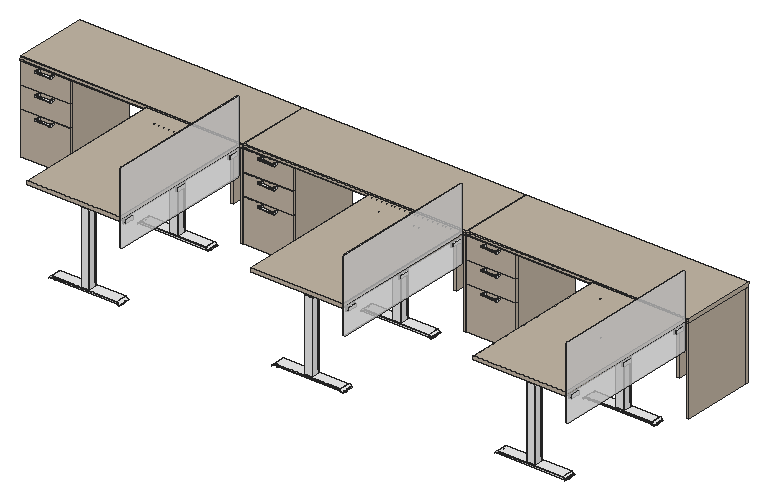
Revit family "JSI-Vision-Typical_Laminate-VST109", category Furniture, Revit 2020 (continued)
Definition of nested family "JSI-Vision-Credenza_Top"
  Parameters (values of type "Type Catalog")
    Worksurface = none
    Width = 30"
    URL = "www.jsifurniture.com"
    Type Comments = ""
    Series = "Vision Casegoods"  # constant formula
    Model = "Type Catalog"
    Material = ""
    Manufacturer = "JSI"  # constant formula
    Keynote = "12500"
    JSI Enviromental Website = "http://www.jsifurniture.com/jsi_sustainability_intro.php"
    Height [instance] = 0"
    Description = "Type Catalog"
    Depth = 20"
    Default Elevation = 0"
    Assembly Code = "E2020200"
  Reference planes (in)
    plane 1 "Center Front/Back": y = 0
    plane 2: z = 0
    plane 3 "Center Left/Right": x = 0
    plane 4: z = 0
    plane 5: x = 30
    plane 6: y = -20
    plane 7: z = 1.1875
    plane 8: z = 0
  Forms (in)
    Extrusion 1, solid, material <- "Worksurface"
      sketch origin (0, 0, 28) x (0, 1, 0) y (0, 0, 1)
        loop
          line (-19.88189, -28) -> (0, -28) -> (0, -26.8125) -> (-19.88189, -26.8125)
          arc (-19.88189, -26.8125) -> (-19.96541, -26.84709) -> (-20, -26.93061) r 0.11811
          line (-20, -26.93061) -> (-20, -27.88189)
          arc (-20, -27.88189) -> (-19.96541, -27.96541) -> (-19.88189, -28) r 0.11811
      from 0 to 30
  Lines and regions (in)
    symbolic lines
      curve 1: line (0, 0, 0) -> (30, 0, 0)
      curve 2: line (0, -20, 0) -> (0, 0, 0)
      curve 3: line (30, -20, 0) -> (0, -20, 0)
      curve 4: line (30, 0, 0) -> (30, -20, 0)
  Dimensions and locks (in)
    "Depth": plane 6 to plane 1 "Center Front/Back"
    "Width": plane 5 to plane 3 "Center Left/Right"
    locked: plane 7 to plane 8 at 1.1875
    "Height": plane 8 to level
    aligned and locked: level to plane 2
    aligned and locked: plane 5 to Extrusion 1
    aligned and locked: curve 1 to Extrusion 1
    aligned and locked: curve 2 to Extrusion 1
    aligned and locked: plane 6 to curve 3
    aligned and locked: curve 4 to plane 5
    aligned and locked: Extrusion 1 to plane 8
    aligned and locked: plane 7 to Extrusion 1
  Automatic sketch dimensions
    Extrusion 1 sketch curve to plane 6 = 0"
    level to Extrusion 1 sketch curve = 0"
    Extrusion 1 sketch curve to plane 7 = 0"
    Extrusion 1 sketch curve to plane 1 "Center Front/Back" = 0"
    Extrusion 1 sketch curve to Extrusion 1 sketch curve = 0.11811"
    plane 6 to Extrusion 1 sketch curve = 0.11811"
Definition of nested family "JSI-Vision-Lok_Frosted_Acrylic_Privacy_Screen"
  Parameters (values of type "LK-PSP-7224A, Lok Frosted Acrylic Privacy Screen - 72w x 23 3/4h")
    Width = 72"
    URL = "www.jsifurniture.com"
    Type Comments = ""
    Series = "Vision Casegoods"  # constant formula
    Model = "LK-PSP-7224A"
    Material = ""
    Manufacturer = "JSI"  # constant formula
    Keynote = "12500"
    JSI Enviromental Website = "http://www.jsifurniture.com/jsi_sustainability_intro.php"
    Height = 23 3/4"
    Description = "Lok Frosted Acrylic Privacy Screen - 72w x 23 3/4h"
    Depth = 1/4"
    Acrylic Finish = none
    Default Elevation = 0"
    Bracket Finish = none
    Assembly Code = "E2020200"
  Types (3): name | Width | Model | Description
    LK-PSP-4824A, Lok Frosted Acrylic Privacy Screen - 48w x 23 3/4h | 48" | "LK-PSP-4824A" | "Lok Frosted Acrylic Privacy Screen - 48w x 23 3/4h"
    LK-PSP-6024A, Lok Frosted Acrylic Privacy Screen - 60w x 23 3/4h | 60" | "LK-PSP-6024A" | "Lok Frosted Acrylic Privacy Screen - 60w x 23 3/4h"
    LK-PSP-7224A, Lok Frosted Acrylic Privacy Screen - 72w x 23 3/4h | 72" | "LK-PSP-7224A" | "Lok Frosted Acrylic Privacy Screen - 72w x 23 3/4h"
  Reference planes (in)
    plane 1 "Center Front/Back": y = 0
    plane 2: z = 0
    plane 3 "Center Left/Right": x = 0
    plane 4: z = 0
    plane 5: z = 30
    plane 6: x = 72
    plane 7: y = 0.25
    plane 8: x = 1.4375
    plane 9: x = 4.1875
    plane 10: x = 36
    plane 11: x = 70.5625
    plane 12: x = 67.8125
    plane 13: x = 34.62504
    plane 14: x = 37.37496
    plane 15: z = 21.63
    plane 16: z = 45.38
    plane 17: y = 0.6437
  Forms (in)
    Extrusion 1, solid, material <- "Acrylic Finish"
      sketch origin (0, 0, 0) x (1, 0, 0) y (0, 0, 1)
        loop
          arc (0.75, 45.38) -> (0.21967, 45.16033) -> (0, 44.63) r 0.75
          line (0, 44.63) -> (0, 22.38)
          arc (0, 22.38) -> (0.21967, 21.84967) -> (0.75, 21.63) r 0.75
          line (0.75, 21.63) -> (71.25, 21.63)
          arc (71.25, 21.63) -> (71.78033, 21.84967) -> (72, 22.38) r 0.75
          line (72, 22.38) -> (72, 44.63)
          arc (72, 44.63) -> (71.78033, 45.16033) -> (71.25, 45.38) r 0.75
          line (71.25, 45.38) -> (0.75, 45.38)
      from -0.25 to 0
    Extrusion 2, solid, material <- "Bracket Finish"
      sketch origin (0, 0, 0) x (0, 1, 0) y (0, 0, 1)
        loop
          line (-1.5, 30.13) -> (-1.5, 30) -> (-0.13, 30) -> (-0.13, 28.63) -> (0, 28.63) -> (0, 30.13) -> (-1.5, 30.13)
      from 1.4375 to 4.1875
    Extrusion 3, solid, material <- "Bracket Finish"
      sketch origin (12.75, 0, 0) x (0, 1, 0) y (0, 0, 1)
        loop
          line (-1.5, 30.13) -> (-1.5, 30) -> (-0.13, 30) -> (-0.13, 28.63) -> (0, 28.63) -> (0, 30.13) -> (-1.5, 30.13)
      from 21.87504 to 24.62496
    Extrusion 4, solid, material <- "Bracket Finish"
      sketch origin (44, 0, 0) x (0, 1, 0) y (0, 0, 1)
        loop
          line (-1.5, 30.13) -> (-1.5, 30) -> (-0.13, 30) -> (-0.13, 28.63) -> (0, 28.63) -> (0, 30.13) -> (-1.5, 30.13)
      from 23.8125 to 26.5625
    Extrusion 5, solid, material <- "Bracket Finish"
      sketch origin (0, 6, 0) x (1, 0, 0) y (0, 0, 1)
        loop
          arc (1.5, 29.76683) -> (1.45581, 29.74852) -> (1.4375, 29.70433) r 0.0625
          line (1.4375, 29.70433) -> (1.4375, 28.8057)
          arc (1.4375, 28.8057) -> (1.45581, 28.76151) -> (1.5, 28.7432) r 0.0625
          line (1.5, 28.7432) -> (4.125, 28.7432)
          arc (4.125, 28.7432) -> (4.16919, 28.76151) -> (4.1875, 28.8057) r 0.0625
          line (4.1875, 28.8057) -> (4.1875, 29.70433)
          arc (4.1875, 29.70433) -> (4.16919, 29.74852) -> (4.125, 29.76683) r 0.0625
          line (4.125, 29.76683) -> (1.5, 29.76683)
        loop
          arc (34.68746, 29.76683) -> (34.64327, 29.74852) -> (34.62496, 29.70433) r 0.0625
          line (34.62496, 29.70433) -> (34.62496, 28.8057)
          arc (34.62496, 28.8057) -> (34.64327, 28.76151) -> (34.68746, 28.7432) r 0.0625
          line (34.68746, 28.7432) -> (37.31246, 28.7432)
          arc (37.31246, 28.7432) -> (37.35666, 28.76151) -> (37.37496, 28.8057) r 0.0625
          line (37.37496, 28.8057) -> (37.37496, 29.70433)
          arc (37.37496, 29.70433) -> (37.35666, 29.74852) -> (37.31246, 29.76683) r 0.0625
          line (37.31246, 29.76683) -> (34.68746, 29.76683)
        loop
          arc (67.875, 29.76683) -> (67.83081, 29.74852) -> (67.8125, 29.70433) r 0.0625
          line (67.8125, 29.70433) -> (67.8125, 28.8057)
          arc (67.8125, 28.8057) -> (67.83081, 28.76151) -> (67.875, 28.7432) r 0.0625
          line (67.875, 28.7432) -> (70.5, 28.7432)
          arc (70.5, 28.7432) -> (70.54419, 28.76151) -> (70.5625, 28.8057) r 0.0625
          line (70.5625, 28.8057) -> (70.5625, 29.70433)
          arc (70.5625, 29.70433) -> (70.54419, 29.74852) -> (70.5, 29.76683) r 0.0625
          line (70.5, 29.76683) -> (67.875, 29.76683)
      from 5.3563 to 5.75
  Lines and regions (in)
    symbolic lines
      curve 1: line (0, 0.25, 0) -> (72, 0.25, 0)
      curve 2: line (0, 0, 0) -> (0, 0.25, 0)
      curve 3: line (72, 0, 0) -> (0, 0, 0)
      curve 4: line (72, 0.25, 0) -> (72, 0, 0)
      curve 5: line (1.4375, 0.6437, 0) -> (4.1875, 0.6437, 0)
      curve 6: line (1.4375, 0.6437, 0) -> (1.4375, 0.25, 0)
      curve 7: line (4.1875, 0.6437, 0) -> (4.1875, 0.25, 0)
      curve 8: line (34.62504, 0.6437, 0) -> (37.37496, 0.6437, 0)
      curve 9: line (34.62504, 0.6437, 0) -> (34.62504, 0.25, 0)
      curve 10: line (37.37496, 0.6437, 0) -> (37.37496, 0.25, 0)
      curve 11: line (67.8125, 0.6437, 0) -> (70.5625, 0.6437, 0)
      curve 12: line (67.8125, 0.6437, 0) -> (67.8125, 0.25, 0)
      curve 13: line (70.5625, 0.6437, 0) -> (70.5625, 0.25, 0)
    symbolic lines, detail levels medium+fine
      curve 14: line (1.4375, -1.5, 0) -> (4.1875, -1.5, 0)
      curve 15: line (1.4375, 0, 0) -> (1.4375, -1.5, 0)
      curve 16: line (4.1875, -1.5, 0) -> (4.1875, 0, 0)
      curve 17: line (34.62504, -1.5, 0) -> (37.37496, -1.5, 0)
      curve 18: line (34.62504, 0, 0) -> (34.62504, -1.5, 0)
      curve 19: line (37.37496, -1.5, 0) -> (37.37496, 0, 0)
      curve 20: line (67.8125, -1.5, 0) -> (70.5625, -1.5, 0)
      curve 21: line (67.8125, 0, 0) -> (67.8125, -1.5, 0)
      curve 22: line (70.5625, -1.5, 0) -> (70.5625, 0, 0)
  Dimensions and locks (in)
    plane 5 to plane 4 = 30"
    locked: plane 7 to plane 1 "Center Front/Back" at 0.25
    "Width": plane 3 "Center Left/Right" to plane 6
    equal spacing: plane 3 "Center Left/Right", plane 10, plane 6
    plane 3 "Center Left/Right" to plane 8 to plane 9 = 1 7/16" locked, 2 3/4" locked
    plane 12 to plane 11 to plane 6 = 2 3/4" locked, 1 7/16" locked
    plane 13 to plane 10 to plane 14 = 1.37496" locked, 1.37496" locked
    locked: plane 5 to plane 15 at 8.37
    locked: plane 16 to plane 5 at 15.38
    locked: Extrusion 1 sketch curve to plane 3 "Center Left/Right" at 0.75  (x2)
    locked: plane 16 to Extrusion 1 sketch curve at 0.75  (x2)
    locked: Extrusion 1 sketch curve to plane 6 at 0.75  (x2)
    locked: Extrusion 1 sketch curve to plane 15 at 0.75  (x2)
    Extrusion 5 sketch curve to Extrusion 5 sketch curve to Extrusion 5 sketch curve to Extrusion 5 sketch curve to plane 8 = 0" locked, 2 5/8" locked, 0" locked, 1/16" locked
    plane 13 to Extrusion 5 sketch curve to Extrusion 5 sketch curve = 0.06242" locked, 0" locked
    plane 14 to Extrusion 5 sketch curve to Extrusion 5 sketch curve = 1/16" locked, 0" locked
    Extrusion 5 sketch curve to Extrusion 5 sketch curve to plane 12 = 0" locked, 1/16" locked
    plane 11 to Extrusion 5 sketch curve to Extrusion 5 sketch curve = 1/16" locked, 0" locked
    locked: plane 17 to plane 7 at 0.3937
    aligned and locked: level to plane 2
    aligned and locked: plane 3 "Center Left/Right" to Extrusion 1 sketch curve
    aligned and locked: plane 6 to Extrusion 1 sketch curve
    aligned and locked: Extrusion 1 sketch curve to plane 16
    aligned and locked: plane 15 to Extrusion 1 sketch curve
    aligned and locked: plane 7 to Extrusion 1
    aligned and locked: plane 1 "Center Front/Back" to Extrusion 1
    aligned and locked: Extrusion 2 to plane 9
    aligned and locked: plane 8 to Extrusion 2
    aligned and locked: plane 14 to Extrusion 3
    aligned and locked: plane 13 to Extrusion 3
    aligned and locked: plane 11 to Extrusion 4
    aligned and locked: Extrusion 4 to plane 12
    aligned and locked: Extrusion 5 sketch curve to plane 8
    aligned and locked: plane 9 to Extrusion 5 sketch curve
    aligned and locked: Extrusion 5 to plane 7
    aligned and locked: plane 17 to Extrusion 5
    aligned and locked: plane 3 "Center Left/Right" to curve 2
    aligned and locked: curve 3 to plane 1 "Center Front/Back"
    aligned and locked: curve 1 to plane 7
    aligned and locked: plane 6 to curve 4
    aligned and locked: plane 8 to curve 5
    aligned and locked: plane 9 to curve 5
    aligned and locked: curve 5 to plane 17
    aligned and locked: plane 7 to curve 6
    aligned and locked: plane 17 to curve 7
    aligned and locked: plane 13 to curve 8
    aligned and locked: curve 8 to plane 17
    aligned and locked: curve 10 to plane 14
    aligned and locked: plane 12 to curve 11
    aligned and locked: plane 11 to curve 11
    aligned and locked: curve 11 to plane 17
    aligned and locked: plane 17 to curve 13
    aligned and locked: curve 14 to Extrusion 2
    aligned and locked: curve 15 to Extrusion 2
    aligned and locked: curve 16 to Extrusion 2
    aligned and locked: curve 17 to Extrusion 3
    aligned and locked: curve 18 to Extrusion 3
    aligned and locked: curve 19 to Extrusion 3
    aligned and locked: curve 20 to Extrusion 4
    aligned and locked: curve 21 to Extrusion 4
    aligned and locked: curve 22 to Extrusion 4
  Automatic sketch dimensions
    Extrusion 2 sketch curve to plane 5 = 0"
    Extrusion 2 sketch curve to plane 1 "Center Front/Back" = 0"
    plane 1 "Center Front/Back" to Extrusion 2 sketch curve = 0.13"
    Extrusion 2 sketch curve to Extrusion 2 sketch curve = 1.37"  (x2)
    plane 5 to Extrusion 2 sketch curve = 0.13"
    Extrusion 3 sketch curve to plane 5 = 0"
    Extrusion 3 sketch curve to plane 1 "Center Front/Back" = 0"
    Extrusion 3 sketch curve to Extrusion 3 sketch curve = 0.13"
    Extrusion 3 sketch curve to Extrusion 3 sketch curve = 1.37"
    Extrusion 3 sketch curve to plane 5 = 1.37"
    plane 5 to Extrusion 3 sketch curve = 0.13"
    Extrusion 4 sketch curve to plane 5 = 0"
    Extrusion 4 sketch curve to plane 1 "Center Front/Back" = 0"
    Extrusion 4 sketch curve to Extrusion 4 sketch curve = 0.13"
    Extrusion 4 sketch curve to Extrusion 4 sketch curve = 1.37"
    Extrusion 4 sketch curve to plane 5 = 1.37"
    plane 5 to Extrusion 4 sketch curve = 0.13"
    Extrusion 5 sketch curve to plane 14 = 0"
    Extrusion 5 sketch curve to plane 12 = 0"
    Extrusion 5 sketch curve to plane 11 = 0"
    plane 13 to Extrusion 5 sketch curve = 0.00008"
    Extrusion 5 sketch curve to plane 5 = 1.2568"  (x3)
    Extrusion 5 sketch curve to plane 5 = 0.29567"  (x3)
